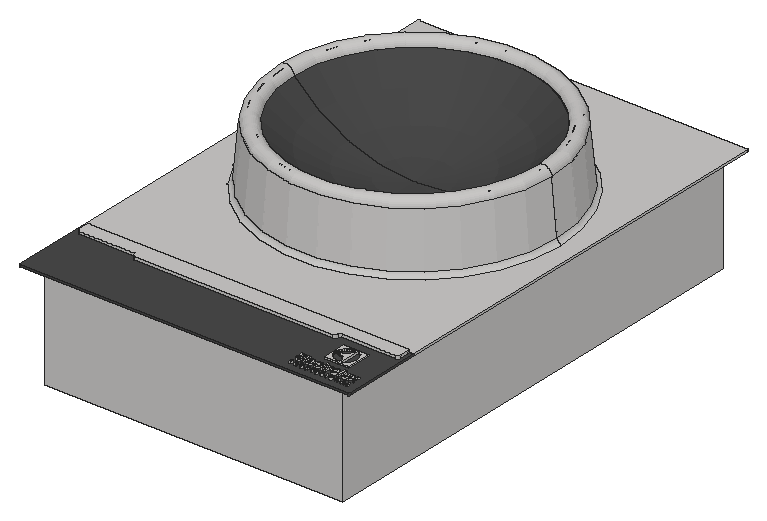
Revit family "QF_ELECTROLUXPROFESSIONAL_600904_E1HCEDOMCU", category Specialty Equipment, Revit 2018
Family settings
  Round Connector Dimension = Use Diameter
  Part Type = Normal
  Work Plane-Based = No
  Always vertical = Yes
  Cut with Voids When Loaded = No
  Shared = No
  Room Calculation Point = No
Parameters
  Watts = 0 W
  Volts = 0 V
  URL = ""
  Steam Supply Size = 0 mm
  Steam Supply Minimum Pressure = 0.0 Pa
  Steam Supply Maximum Pressure = 0.0 Pa
  Steam Pounds per Hour = 0
  Show Logo [instance] = yes
  Manufacturer = ""
  Phase = 0
  Model = ""
  Item Number = ""
  Hot Water Size = 0 mm
  HP = "4 HP"
  Gas Size = 0 mm
  Gas KW = 0
  Direct Waste Size = 0 mm
  Description = ""
  Cycle = 0 Hz
  Condensate Return Size = 0 mm
  Compressed Air Volume = 0.0 L/s
  Compressed Air Size = 0 mm
  Compressed Air Pressure = 0.0 Pa
  Cold Water Size = 0 mm
Reference planes
  plane 1 "Centro (Fronte/Retro)": y = 74.737
  plane 2: z = 0
  plane 3: x = -514.269
  plane 4 "LEFT": x = -709.269
  plane 5 "RIGHT": x = -319.269
  plane 6 "BACK": y = 369.737
  plane 7 "FRONT": y = -220.263
  plane 8: y = -124.263
  plane 9: z = 774
  plane 10: x = -690.269
  plane 11: x = -338.269
  plane 12: y = 355.737
  plane 13: y = -205.263
  plane 14: x = -442.269
  plane 15: y = 179.737
  plane 16: z = 900
Forms (mm)
  Extrusion 1, solid, material "QF_Finishes_Stainless Steel"
    sketch origin (0, 0, 774) x (1, 0, 0) y (0, 1, 0)
      loop
        line (-341.269, 352.737) -> (-687.269, 352.737) -> (-687.269, -202.263) -> (-341.269, -202.263) -> (-341.269, 352.737)
      loop
        line (-690.269, 355.737) -> (-690.269, -205.263) -> (-338.269, -205.263) -> (-338.269, 355.737) -> (-690.269, 355.737)
    from 21 to 126
  Extrusion 2, solid, material "QF_Finishes_Black"
    sketch origin (0, 0, 900) x (-1, 0, 0) y (0, -1, 0)
      loop
        line (709.269, 124.263) -> (709.269, 218.263)
        arc (709.269, 218.263) -> (708.683, 219.677) -> (707.269, 220.263) r 2
        line (707.269, 220.263) -> (321.269, 220.263)
        arc (321.269, 220.263) -> (319.854, 219.677) -> (319.269, 218.263) r 2
        line (319.269, 218.263) -> (319.269, 124.263) -> (709.269, 124.263)
    from 0 to 2
  Extrusion 3, solid, material "QF_Finishes_Stainless Steel"
    sketch origin (0, 0, 900) x (-1, 0, 0) y (0, -1, 0)
      loop
        arc (701.269, 124.263) -> (703.39, 125.142) -> (704.269, 127.263) r 3
        line (704.269, 127.263) -> (704.269, 137.763)
        arc (704.269, 137.763) -> (703.39, 139.884) -> (701.269, 140.763) r 3
        line (701.269, 140.763) -> (637.269, 140.763)
        arc (637.269, 140.763) -> (635.147, 141.642) -> (634.269, 143.763) r 3
        arc (634.269, 143.763) -> (633.39, 145.884) -> (631.269, 146.763) r 3
        line (631.269, 146.763) -> (397.269, 146.763)
        arc (397.269, 146.763) -> (395.147, 145.884) -> (394.269, 143.763) r 3
        arc (394.269, 143.763) -> (393.39, 141.642) -> (391.269, 140.763) r 3
        line (391.269, 140.763) -> (327.269, 140.763)
        arc (327.269, 140.763) -> (325.147, 139.884) -> (324.269, 137.763) r 3
        line (324.269, 137.763) -> (324.269, 127.263)
        arc (324.269, 127.263) -> (325.147, 125.142) -> (327.269, 124.263) r 3
        line (327.269, 124.263) -> (701.269, 124.263)
    from 2 to 5
  Extrusion 4, solid, material "QF_Finishes_Stainless Steel"
    sketch origin (0, 0, 775) x (1, 0, 0) y (0, 1, 0)
      loop
        line (-690.269, 355.737) -> (-690.269, -205.263) -> (-338.269, -205.263) -> (-338.269, 355.737) -> (-690.269, 355.737)
    from 0 to 20
  Extrusion 5, solid, material "QF_Finishes_Stainless Steel"
    sketch origin (0, 0, 127) x (-1, 0, 0) y (0, -1, 0)
      loop
        circle (442.269, -179.737) r 10
    from 638.028 to 648
  Revolve 6, solid, material "QF_Finishes_Stainless Steel"
    sketch origin (0, 120.237, 2) x (-1, 0, 0) y (0, 0, 1)
      loop
        arc (349.07, 900) -> (350.454, 902.553) -> (351.23, 905.352) r 12.856
        line (351.23, 905.352) -> (357.255, 968.615)
        arc (357.255, 968.615) -> (361.677, 972.996) -> (366.45, 969) r 4.622
        line (366.45, 969) -> (371.472, 969)
        arc (371.472, 969) -> (361.87, 978) -> (352.269, 969) r 9.622
        line (352.269, 969) -> (346.269, 906)
        arc (346.269, 906) -> (344.567, 902.335) -> (341.269, 900) r 7.856
        line (341.269, 900) -> (349.07, 900)
      axis (514.269, 900) -> (514.269, 969)
    angle from 0 to 360
  Revolve 7, solid, material "QF_Finishes_Black"
    sketch origin (0, 120.237, 2) x (-1, 0, 0) y (0, 0, 1)
      loop
        line (371.472, 969) -> (366.45, 969)
        arc (366.45, 969) -> (432.848, 918.929) -> (514.269, 902) r 190.056
        line (514.269, 902) -> (514.269, 906)
        arc (514.269, 906) -> (436.232, 922.453) -> (371.472, 969) r 193.372
      axis (514.269, 969) -> (514.269, 902)
    angle from 0 to 360
  Extrusion 8, solid, material "QF_Finishes_Stainless Steel"
    sketch origin (0, 96, 900) x (-1, 0, 0) y (0, -1, 0)
      loop
        arc (707.269, -273.737) -> (708.683, -273.151) -> (709.269, -271.737) r 2
        line (709.269, -271.737) -> (709.269, 220.263) -> (319.269, 220.263) -> (319.269, -271.737)
        arc (319.269, -271.737) -> (319.854, -273.151) -> (321.269, -273.737) r 2
        line (321.269, -273.737) -> (707.269, -273.737)
    from 0 to 2
Cuts and joins
  joined: Extrusion 1, Extrusion 4
Lines and regions (mm)
  Split face 1
    outline origin (0, 0, 902) x (-1, 0, 0) y (0, -1, 0)
      loop
        line (324.269, 124.263) -> (704.269, 124.263) -> (704.269, 623.263) -> (324.269, 623.263) -> (324.269, 124.263)
  symbolic lines
    curve 1: line (-701.269, -140.763, 126) -> (-637.269, -140.763, 126)
    curve 2: arc (-637.269, -140.763, 126) -> (-635.147, -141.642, 126) -> (-634.269, -143.763, 126) r 3
    curve 3: arc (-634.269, -143.763, 126) -> (-633.39, -145.884, 126) -> (-631.269, -146.763, 126) r 3
    curve 4: line (-631.269, -146.763, 126) -> (-397.269, -146.763, 126)
    curve 5: arc (-397.269, -146.763, 126) -> (-395.147, -145.884, 126) -> (-394.269, -143.763, 126) r 3
    curve 6: arc (-394.269, -143.763, 126) -> (-393.39, -141.642, 126) -> (-391.269, -140.763, 126) r 3
    curve 7: line (-391.269, -140.763, 126) -> (-327.269, -140.763, 126)
    curve 8: arc (-327.269, -140.763, 126) -> (-325.147, -139.884, 126) -> (-324.269, -137.763, 126) r 3
    curve 9: line (-324.269, -137.763, 126) -> (-324.269, -127.263, 126)
    curve 10: arc (-324.269, -127.263, 126) -> (-325.147, -125.142, 126) -> (-327.269, -124.263, 126) r 3
    curve 11: line (-319.269, -124.263, 126) -> (-709.269, -124.263, 126)
    curve 12: arc (-701.269, -124.263, 126) -> (-703.39, -125.142, 126) -> (-704.269, -127.263, 126) r 3
    curve 13: line (-704.269, -127.263, 126) -> (-704.269, -137.763, 126)
    curve 14: arc (-704.269, -137.763, 126) -> (-703.39, -139.884, 126) -> (-701.269, -140.763, 126) r 3
    curve 15: line (-321.269, 369.737, 126) -> (-707.269, 369.737, 126)
    curve 16: arc (-707.269, 369.737, 126) -> (-708.683, 369.151, 126) -> (-709.269, 367.737, 126) r 2
    curve 17: line (-709.269, 367.737, 126) -> (-709.269, -218.263, 126)
    curve 18: arc (-709.269, -218.263, 126) -> (-708.683, -219.677, 126) -> (-707.269, -220.263, 126) r 2
    curve 19: line (-707.269, -220.263, 126) -> (-321.269, -220.263, 126)
    curve 20: arc (-321.269, -220.263, 126) -> (-319.854, -219.677, 126) -> (-319.269, -218.263, 126) r 2
    curve 21: line (-319.269, -218.263, 126) -> (-319.269, 367.737, 126)
    curve 22: arc (-319.269, 367.737, 126) -> (-319.854, 369.151, 126) -> (-321.269, 369.737, 126) r 2
    curve 23: line (-378.626, -153.452, 126) -> (-378.626, -182.168, 126)
    curve 24: line (-349.912, -153.452, 126) -> (-378.626, -153.452, 126)
    curve 25: line (-349.912, -182.168, 126) -> (-349.912, -153.452, 126)
    curve 26: line (-378.626, -182.168, 126) -> (-349.912, -182.168, 126)
    curve 27: line (-366.78, -170.975, 126) -> (-365.524, -171.98, 126)
    curve 28: line (-365.524, -171.98, 126) -> (-364.403, -173.12, 126)
    curve 29: line (-364.403, -173.12, 126) -> (-363.439, -174.381, 126)
    curve 30: line (-363.439, -174.381, 126) -> (-362.652, -175.748, 126)
    curve 31: arc (-362.652, -175.748, 126) -> (-361.85, -177.982, 126) -> (-361.568, -180.34, 126) r 10.532
    curve 32: arc (-361.568, -180.34, 126) -> (-362.906, -180.548, 126) -> (-364.258, -180.63, 126) r 14.39
    curve 33: line (-364.258, -180.63, 126) -> (-365.828, -180.532, 126)
    curve 34: line (-365.828, -180.532, 126) -> (-367.331, -180.252, 126)
    curve 35: line (-367.331, -180.252, 126) -> (-368.77, -179.801, 126)
    curve 36: line (-368.77, -179.801, 126) -> (-370.134, -179.191, 126)
    curve 37: line (-370.134, -179.191, 126) -> (-371.411, -178.434, 126)
    curve 38: line (-371.411, -178.434, 126) -> (-372.589, -177.541, 126)
    curve 39: line (-372.589, -177.541, 126) -> (-373.656, -176.525, 126)
    curve 40: line (-373.656, -176.525, 126) -> (-374.6, -175.397, 126)
    curve 41: line (-374.6, -175.397, 126) -> (-375.41, -174.168, 126)
    curve 42: line (-375.41, -174.168, 126) -> (-376.073, -172.852, 126)
    curve 43: line (-376.073, -172.852, 126) -> (-376.579, -171.46, 126)
    curve 44: line (-376.579, -171.46, 126) -> (-376.915, -170.003, 126)
    curve 45: line (-376.915, -170.003, 126) -> (-377.069, -168.493, 126)
    curve 46: line (-377.069, -168.493, 126) -> (-374.35, -168.493, 126)
    curve 47: line (-374.35, -168.493, 126) -> (-372.734, -168.602, 126)
    curve 48: line (-372.734, -168.602, 126) -> (-371.148, -168.919, 126)
    curve 49: line (-371.148, -168.919, 126) -> (-369.613, -169.43, 126)
    curve 50: line (-369.613, -169.43, 126) -> (-368.15, -170.12, 126)
    curve 51: line (-368.15, -170.12, 126) -> (-366.78, -170.975, 126)
    curve 52: line (-364.403, -162.507, 126) -> (-365.524, -163.648, 126)
    curve 53: line (-365.524, -163.648, 126) -> (-366.781, -164.654, 126)
    curve 54: line (-366.781, -164.654, 126) -> (-368.151, -165.509, 126)
    curve 55: line (-368.151, -165.509, 126) -> (-369.615, -166.2, 126)
    curve 56: line (-369.615, -166.2, 126) -> (-371.15, -166.712, 126)
    curve 57: line (-371.15, -166.712, 126) -> (-372.736, -167.029, 126)
    curve 58: line (-372.736, -167.029, 126) -> (-374.352, -167.138, 126)
    curve 59: line (-374.352, -167.138, 126) -> (-377.067, -167.138, 126)
    curve 60: line (-377.067, -167.138, 126) -> (-376.852, -165.495, 126)
    curve 61: line (-376.852, -165.495, 126) -> (-376.439, -163.92, 126)
    curve 62: line (-376.439, -163.92, 126) -> (-375.841, -162.424, 126)
    curve 63: line (-375.841, -162.424, 126) -> (-375.07, -161.023, 126)
    curve 64: line (-375.07, -161.023, 126) -> (-374.141, -159.732, 126)
    curve 65: line (-374.141, -159.732, 126) -> (-373.065, -158.564, 126)
    curve 66: line (-373.065, -158.564, 126) -> (-371.856, -157.535, 126)
    curve 67: line (-371.856, -157.535, 126) -> (-370.527, -156.661, 126)
    curve 68: line (-370.527, -156.661, 126) -> (-369.091, -155.954, 126)
    curve 69: line (-369.091, -155.954, 126) -> (-367.562, -155.431, 126)
    curve 70: line (-367.562, -155.431, 126) -> (-365.952, -155.107, 126)
    curve 71: arc (-365.952, -155.107, 126) -> (-363.752, -155.007, 126) -> (-361.567, -155.279, 126) r 13.008
    curve 72: arc (-361.567, -155.279, 126) -> (-361.815, -157.647, 126) -> (-362.651, -159.876, 126) r 9.395
    curve 73: line (-362.651, -159.876, 126) -> (-363.438, -161.245, 126)
    curve 74: line (-363.438, -161.245, 126) -> (-364.403, -162.507, 126)
    curve 75: line (-360.221, -179.969, 126) -> (-360.221, -155.646, 126)
    curve 76: line (-360.221, -155.646, 126) -> (-358.743, -156.237, 126)
    curve 77: line (-358.743, -156.237, 126) -> (-357.363, -157.003, 126)
    curve 78: line (-357.363, -157.003, 126) -> (-356.095, -157.931, 126)
    curve 79: line (-356.095, -157.931, 126) -> (-354.951, -159.007, 126)
    curve 80: line (-354.951, -159.007, 126) -> (-353.945, -160.217, 126)
    curve 81: line (-353.945, -160.217, 126) -> (-353.092, -161.548, 126)
    curve 82: line (-353.092, -161.548, 126) -> (-352.403, -162.986, 126)
    curve 83: line (-352.403, -162.986, 126) -> (-351.894, -164.517, 126)
    curve 84: line (-351.894, -164.517, 126) -> (-351.576, -166.128, 126)
    curve 85: line (-351.576, -166.128, 126) -> (-351.464, -167.804, 126)
    curve 86: line (-351.464, -167.804, 126) -> (-351.567, -169.456, 126)
    curve 87: line (-351.567, -169.456, 126) -> (-351.873, -171.047, 126)
    curve 88: line (-351.873, -171.047, 126) -> (-352.372, -172.563, 126)
    curve 89: line (-352.372, -172.563, 126) -> (-353.05, -173.992, 126)
    curve 90: line (-353.05, -173.992, 126) -> (-353.897, -175.319, 126)
    curve 91: line (-353.897, -175.319, 126) -> (-354.899, -176.532, 126)
    curve 92: line (-354.899, -176.532, 126) -> (-356.044, -177.617, 126)
    curve 93: line (-356.044, -177.617, 126) -> (-357.321, -178.56, 126)
    curve 94: line (-357.321, -178.56, 126) -> (-358.718, -179.349, 126)
    curve 95: line (-358.718, -179.349, 126) -> (-360.221, -179.969, 126)
    curve 96: line (-392.542, -189.445, 126) -> (-399.495, -189.445, 126)
    curve 97: line (-399.495, -189.445, 126) -> (-399.495, -193.353, 126)
    curve 98: line (-399.495, -193.353, 126) -> (-399.495, -197.154, 126)
    curve 99: arc (-399.495, -197.154, 126) -> (-398.466, -199.638, 126) -> (-395.982, -200.667, 126) r 3.513
    curve 100: line (-395.982, -200.667, 126) -> (-392.408, -200.667, 126)
    curve 101: line (-392.408, -200.667, 126) -> (-392.408, -198.85, 126)
    curve 102: line (-392.408, -198.85, 126) -> (-395.966, -198.85, 126)
    curve 103: arc (-395.966, -198.85, 126) -> (-397.094, -198.382, 126) -> (-397.562, -197.254, 126) r 1.596
    curve 104: line (-397.562, -197.254, 126) -> (-397.562, -195.74, 126)
    curve 105: line (-397.562, -195.74, 126) -> (-392.843, -195.74, 126)
    curve 106: line (-392.843, -195.74, 126) -> (-392.843, -193.917, 126)
    curve 107: line (-392.843, -193.917, 126) -> (-397.563, -193.917, 126)
    curve 108: line (-397.563, -193.917, 126) -> (-397.563, -191.264, 126)
    curve 109: line (-397.563, -191.264, 126) -> (-392.542, -191.264, 126)
    curve 110: line (-392.542, -191.264, 126) -> (-392.542, -189.445, 126)
    curve 111: line (-391.035, -189.455, 126) -> (-391.035, -194.76, 126)
    curve 112: line (-391.035, -194.76, 126) -> (-391.035, -200.681, 126)
    curve 113: line (-391.035, -200.681, 126) -> (-389.101, -200.681, 126)
    curve 114: line (-389.101, -200.681, 126) -> (-389.101, -194.721, 126)
    curve 115: line (-389.101, -194.721, 126) -> (-389.101, -189.455, 126)
    curve 116: line (-389.101, -189.455, 126) -> (-391.035, -189.455, 126)
    curve 117: arc (-380.394, -193.787, 126) -> (-383.654, -192.313, 126) -> (-386.913, -193.787, 126) r 4.34
    curve 118: arc (-386.913, -193.787, 126) -> (-387.819, -196.606, 126) -> (-386.913, -199.425, 126) r 4.838
    curve 119: arc (-386.913, -199.425, 126) -> (-383.498, -200.88, 126) -> (-380.082, -199.425, 126) r 4.737
    curve 120: line (-380.082, -199.425, 126) -> (-381.246, -198.293, 126)
    curve 121: arc (-381.246, -198.293, 126) -> (-383.382, -199.237, 126) -> (-385.517, -198.293, 126) r 2.888
    curve 122: arc (-385.517, -198.293, 126) -> (-385.841, -197.736, 126) -> (-385.905, -197.095, 126) r 1.527
    curve 123: line (-385.905, -197.095, 126) -> (-379.564, -197.095, 126)
    curve 124: arc (-379.564, -197.095, 126) -> (-379.672, -195.364, 126) -> (-380.394, -193.787, 126) r 4.757
    curve 125: arc (-385.858, -195.736, 126) -> (-385.043, -194.411, 126) -> (-383.56, -193.941, 126) r 2.23
    curve 126: arc (-383.56, -193.941, 126) -> (-382.221, -194.482, 126) -> (-381.505, -195.736, 126) r 2.201
    curve 127: line (-381.505, -195.736, 126) -> (-385.858, -195.736, 126)
    curve 128: arc (-370.832, -193.681, 126) -> (-378.564, -196.594, 126) -> (-370.832, -199.507, 126) r 4.415
    curve 129: line (-370.832, -199.507, 126) -> (-372.029, -198.26, 126)
    curve 130: arc (-372.029, -198.26, 126) -> (-376.639, -196.593, 126) -> (-372.029, -194.927, 126) r 2.606
    curve 131: line (-372.029, -194.927, 126) -> (-370.832, -193.681, 126)
    curve 132: line (-369.629, -189.455, 126) -> (-369.629, -193.481, 126)
    curve 133: line (-369.629, -193.481, 126) -> (-369.629, -197.299, 126)
    curve 134: arc (-369.629, -197.299, 126) -> (-368.592, -199.893, 126) -> (-365.911, -200.681, 126) r 3.196
    curve 135: line (-365.911, -200.681, 126) -> (-365.904, -198.864, 126)
    curve 136: arc (-365.904, -198.864, 126) -> (-367.239, -198.457, 126) -> (-367.699, -197.14, 126) r 1.542
    curve 137: line (-367.699, -197.14, 126) -> (-367.699, -194.319, 126)
    curve 138: line (-367.699, -194.319, 126) -> (-365.94, -194.319, 126)
    curve 139: line (-365.94, -194.319, 126) -> (-365.94, -192.562, 126)
    curve 140: line (-365.94, -192.562, 126) -> (-367.696, -192.562, 126)
    curve 141: line (-367.696, -192.562, 126) -> (-367.696, -189.455, 126)
    curve 142: line (-367.696, -189.455, 126) -> (-369.629, -189.455, 126)
    curve 143: arc (-359.402, -192.451, 126) -> (-361.13, -192.587, 126) -> (-362.397, -193.771, 126) r 2.627
    curve 144: line (-362.397, -193.771, 126) -> (-362.397, -192.563, 126)
    curve 145: line (-362.397, -192.563, 126) -> (-364.315, -192.563, 126)
    curve 146: line (-364.315, -192.563, 126) -> (-364.315, -196.541, 126)
    curve 147: line (-364.315, -196.541, 126) -> (-364.315, -200.681, 126)
    curve 148: line (-364.315, -200.681, 126) -> (-362.397, -200.681, 126)
    curve 149: line (-362.397, -200.681, 126) -> (-362.397, -196.412, 126)
    curve 150: arc (-362.397, -196.412, 126) -> (-361.445, -194.585, 126) -> (-359.402, -194.319, 126) r 2.229
    curve 151: line (-359.402, -194.319, 126) -> (-359.402, -192.451, 126)
    curve 152: arc (-359.088, -196.625, 126) -> (-354.668, -201.046, 126) -> (-350.248, -196.625, 126) r 4.42
    curve 153: arc (-350.248, -196.625, 126) -> (-354.668, -192.205, 126) -> (-359.088, -196.625, 126) r 4.42
    curve 154: arc (-357.176, -196.625, 126) -> (-354.668, -194.117, 126) -> (-352.16, -196.625, 126) r 2.508
    curve 155: arc (-352.16, -196.625, 126) -> (-354.668, -199.134, 126) -> (-357.176, -196.625, 126) r 2.508
    curve 156: line (-349.058, -194.566, 126) -> (-349.058, -200.682, 126)
    curve 157: line (-349.058, -200.682, 126) -> (-347.124, -200.682, 126)
    curve 158: line (-347.124, -200.682, 126) -> (-347.124, -194.643, 126)
    curve 159: line (-347.124, -194.643, 126) -> (-347.124, -189.454, 126)
    curve 160: line (-347.124, -189.454, 126) -> (-349.058, -189.454, 126)
    curve 161: line (-349.058, -189.454, 126) -> (-349.058, -194.566, 126)
    curve 162: line (-345.646, -192.562, 126) -> (-345.646, -194.915, 126)
    curve 163: line (-345.646, -194.915, 126) -> (-345.646, -197.715, 126)
    curve 164: arc (-345.646, -197.715, 126) -> (-341.931, -201.044, 126) -> (-338.204, -197.728, 126) r 3.745
    curve 165: line (-338.204, -197.728, 126) -> (-338.204, -194.915, 126)
    curve 166: line (-338.204, -194.915, 126) -> (-338.204, -192.562, 126)
    curve 167: line (-338.204, -192.562, 126) -> (-340.152, -192.562, 126)
    curve 168: line (-340.152, -192.562, 126) -> (-340.152, -197.299, 126)
    curve 169: arc (-340.152, -197.299, 126) -> (-341.925, -199.071, 126) -> (-343.697, -197.299, 126) r 1.772
    curve 170: line (-343.697, -197.299, 126) -> (-343.697, -192.562, 126)
    curve 171: line (-343.697, -192.562, 126) -> (-345.646, -192.562, 126)
    curve 172: line (-331.418, -192.563, 126) -> (-333.174, -194.995, 126)
    curve 173: line (-333.174, -194.995, 126) -> (-334.946, -192.563, 126)
    curve 174: line (-334.946, -192.563, 126) -> (-337.039, -192.563, 126)
    curve 175: line (-337.039, -192.563, 126) -> (-335.839, -194.205, 126)
    curve 176: line (-335.839, -194.205, 126) -> (-334.237, -196.397, 126)
    curve 177: line (-334.237, -196.397, 126) -> (-335.916, -198.735, 126)
    curve 178: line (-335.916, -198.735, 126) -> (-337.313, -200.682, 126)
    curve 179: line (-337.313, -200.682, 126) -> (-335.235, -200.682, 126)
    curve 180: line (-335.235, -200.682, 126) -> (-333.174, -197.813, 126)
    curve 181: line (-333.174, -197.813, 126) -> (-331.112, -200.682, 126)
    curve 182: line (-331.112, -200.682, 126) -> (-329.034, -200.682, 126)
    curve 183: line (-329.034, -200.682, 126) -> (-330.891, -198.085, 126)
    curve 184: line (-330.891, -198.085, 126) -> (-332.11, -196.38, 126)
    curve 185: line (-332.11, -196.38, 126) -> (-330.601, -194.325, 126)
    curve 186: line (-330.601, -194.325, 126) -> (-329.308, -192.563, 126)
    curve 187: line (-329.308, -192.563, 126) -> (-331.418, -192.563, 126)
    curve 188: line (-331.398, -205.699, 126) -> (-331.398, -209.59, 126)
    curve 189: line (-331.398, -209.59, 126) -> (-329.102, -209.59, 126)
    curve 190: line (-329.102, -209.59, 126) -> (-329.102, -208.79, 126)
    curve 191: line (-329.102, -208.79, 126) -> (-330.599, -208.79, 126)
    curve 192: line (-330.599, -208.79, 126) -> (-330.599, -205.699, 126)
    curve 193: line (-330.599, -205.699, 126) -> (-331.398, -205.699, 126)
    curve 194: line (-334.574, -209.59, 126) -> (-336.095, -205.7, 126)
    curve 195: line (-336.095, -205.7, 126) -> (-336.895, -205.7, 126)
    curve 196: line (-336.895, -205.7, 126) -> (-338.488, -209.59, 126)
    curve 197: line (-338.488, -209.59, 126) -> (-337.629, -209.59, 126)
    curve 198: line (-337.629, -209.59, 126) -> (-337.25, -208.75, 126)
    curve 199: line (-337.25, -208.75, 126) -> (-335.811, -208.75, 126)
    curve 200: line (-335.811, -208.75, 126) -> (-335.432, -209.59, 126)
    curve 201: line (-335.432, -209.59, 126) -> (-334.574, -209.59, 126)
    curve 202: line (-336.947, -207.983, 126) -> (-336.529, -206.965, 126)
    curve 203: line (-336.529, -206.965, 126) -> (-336.131, -207.983, 126)
    curve 204: line (-336.131, -207.983, 126) -> (-336.947, -207.983, 126)
    curve 205: line (-341.641, -209.59, 126) -> (-341.641, -205.699, 126)
    curve 206: line (-341.641, -205.699, 126) -> (-342.471, -205.699, 126)
    curve 207: line (-342.471, -205.699, 126) -> (-342.471, -208.219, 126)
    curve 208: line (-342.471, -208.219, 126) -> (-344.251, -205.699, 126)
    curve 209: line (-344.251, -205.699, 126) -> (-345.051, -205.699, 126)
    curve 210: line (-345.051, -205.699, 126) -> (-345.051, -209.59, 126)
    curve 211: line (-345.051, -209.59, 126) -> (-344.221, -209.59, 126)
    curve 212: line (-344.221, -209.59, 126) -> (-344.221, -207.143, 126)
    curve 213: line (-344.221, -207.143, 126) -> (-342.441, -209.59, 126)
    curve 214: line (-342.441, -209.59, 126) -> (-341.641, -209.59, 126)
    curve 215: arc (-349.119, -207.668, 126) -> (-350.407, -208.956, 126) -> (-351.695, -207.668, 126) r 1.288
    curve 216: arc (-351.695, -207.668, 126) -> (-350.407, -206.38, 126) -> (-349.119, -207.668, 126) r 1.288
    curve 217: arc (-348.342, -207.668, 126) -> (-350.407, -205.603, 126) -> (-352.472, -207.668, 126) r 2.065
    curve 218: arc (-352.472, -207.668, 126) -> (-350.407, -209.733, 126) -> (-348.342, -207.668, 126) r 2.065
    curve 219: line (-355.791, -209.59, 126) -> (-355.791, -205.699, 126)
    curve 220: line (-355.791, -205.699, 126) -> (-356.591, -205.699, 126)
    curve 221: line (-356.591, -205.699, 126) -> (-356.591, -209.59, 126)
    curve 222: line (-356.591, -209.59, 126) -> (-355.791, -209.59, 126)
    curve 223: arc (-360.746, -209.568, 126) -> (-359.926, -208.793, 126) -> (-360.211, -207.702, 126) r 1.107
    curve 224: arc (-360.211, -207.702, 126) -> (-360.788, -207.348, 126) -> (-361.405, -207.067, 126) r 5.523
    curve 225: arc (-361.405, -207.067, 126) -> (-361.745, -206.55, 126) -> (-361.183, -206.293, 126) r 0.407
    curve 226: arc (-361.183, -206.293, 126) -> (-360.846, -206.498, 126) -> (-360.566, -206.775, 126) r 1.702
    curve 227: line (-360.566, -206.775, 126) -> (-359.88, -206.363, 126)
    curve 228: arc (-359.88, -206.363, 126) -> (-360.313, -205.902, 126) -> (-360.848, -205.566, 126) r 2.463
    curve 229: arc (-360.848, -205.566, 126) -> (-362.518, -206.347, 126) -> (-361.471, -207.864, 126) r 1.207
    curve 230: line (-361.471, -207.864, 126) -> (-361.009, -208.812, 126)
    curve 231: arc (-361.009, -208.812, 126) -> (-361.653, -208.798, 126) -> (-362.132, -208.367, 126) r 0.925
    curve 232: line (-362.132, -208.367, 126) -> (-362.851, -208.718, 126)
    curve 233: arc (-362.851, -208.718, 126) -> (-361.958, -209.538, 126) -> (-360.746, -209.568, 126) r 1.725
    curve 234: arc (-366.606, -209.568, 126) -> (-365.785, -208.793, 126) -> (-366.071, -207.702, 126) r 1.107
    curve 235: arc (-366.071, -207.702, 126) -> (-366.648, -207.348, 126) -> (-367.264, -207.067, 126) r 5.523
    curve 236: arc (-367.264, -207.067, 126) -> (-367.604, -206.55, 126) -> (-367.043, -206.293, 126) r 0.407
    curve 237: arc (-367.043, -206.293, 126) -> (-366.706, -206.498, 126) -> (-366.425, -206.775, 126) r 1.702
    curve 238: line (-366.425, -206.775, 126) -> (-365.74, -206.363, 126)
    curve 239: arc (-365.74, -206.363, 126) -> (-366.172, -205.902, 126) -> (-366.708, -205.566, 126) r 2.463
    curve 240: arc (-366.708, -205.566, 126) -> (-368.378, -206.347, 126) -> (-367.331, -207.864, 126) r 1.207
    curve 241: line (-367.331, -207.864, 126) -> (-366.868, -208.812, 126)
    curve 242: arc (-366.868, -208.812, 126) -> (-367.513, -208.798, 126) -> (-367.991, -208.367, 126) r 0.925
    curve 243: line (-367.991, -208.367, 126) -> (-368.711, -208.718, 126)
    curve 244: arc (-368.711, -208.718, 126) -> (-367.818, -209.538, 126) -> (-366.606, -209.568, 126) r 1.725
    curve 245: line (-373.017, -209.59, 126) -> (-371.761, -209.59, 126)
    curve 246: line (-371.761, -209.59, 126) -> (-371.761, -208.79, 126)
    curve 247: line (-371.761, -208.79, 126) -> (-372.922, -208.79, 126)
    curve 248: arc (-372.922, -208.79, 126) -> (-373.361, -208.576, 126) -> (-373.464, -208.099, 126) r 0.558
    curve 249: line (-373.464, -208.099, 126) -> (-371.907, -208.099, 126)
    curve 250: line (-371.907, -208.099, 126) -> (-371.907, -207.299, 126)
    curve 251: line (-371.907, -207.299, 126) -> (-373.464, -207.299, 126)
    curve 252: line (-373.464, -207.299, 126) -> (-373.464, -206.499, 126)
    curve 253: line (-373.464, -206.499, 126) -> (-371.799, -206.499, 126)
    curve 254: line (-371.799, -206.499, 126) -> (-371.799, -205.699, 126)
    curve 255: line (-371.799, -205.699, 126) -> (-374.264, -205.699, 126)
    curve 256: line (-374.264, -205.699, 126) -> (-374.264, -208.344, 126)
    curve 257: arc (-374.264, -208.344, 126) -> (-373.899, -209.225, 126) -> (-373.017, -209.59, 126) r 1.246
    curve 258: line (-379.169, -209.59, 126) -> (-379.169, -208.099, 126)
    curve 259: line (-379.169, -208.099, 126) -> (-377.704, -208.099, 126)
    curve 260: line (-377.704, -208.099, 126) -> (-377.704, -207.299, 126)
    curve 261: line (-377.704, -207.299, 126) -> (-379.169, -207.299, 126)
    curve 262: line (-379.169, -207.299, 126) -> (-379.169, -206.499, 126)
    curve 263: line (-379.169, -206.499, 126) -> (-377.564, -206.499, 126)
    curve 264: line (-377.564, -206.499, 126) -> (-377.564, -205.699, 126)
    curve 265: line (-377.564, -205.699, 126) -> (-379.969, -205.699, 126)
    curve 266: line (-379.969, -205.699, 126) -> (-379.969, -209.59, 126)
    curve 267: line (-379.969, -209.59, 126) -> (-379.169, -209.59, 126)
    curve 268: arc (-387.472, -207.668, 126) -> (-385.407, -209.733, 126) -> (-383.342, -207.668, 126) r 2.065
    curve 269: arc (-384.119, -207.668, 126) -> (-385.407, -208.956, 126) -> (-386.695, -207.668, 126) r 1.288
    curve 270: arc (-386.695, -207.668, 126) -> (-385.407, -206.38, 126) -> (-384.119, -207.668, 126) r 1.288
    curve 271: arc (-383.342, -207.668, 126) -> (-385.407, -205.603, 126) -> (-387.472, -207.668, 126) r 2.065
    curve 272: line (-390.05, -209.59, 126) -> (-391.058, -207.929, 126)
    curve 273: arc (-391.058, -207.929, 126) -> (-390.677, -206.531, 126) -> (-391.863, -205.699, 126) r 1.26
    curve 274: line (-391.863, -205.699, 126) -> (-393.389, -205.699, 126)
    curve 275: line (-393.389, -205.699, 126) -> (-393.389, -209.59, 126)
    curve 276: line (-393.389, -209.59, 126) -> (-392.589, -209.59, 126)
    curve 277: line (-392.589, -209.59, 126) -> (-392.589, -208.249, 126)
    curve 278: line (-392.589, -208.249, 126) -> (-391.763, -208.249, 126)
    curve 279: line (-391.763, -208.249, 126) -> (-390.957, -209.59, 126)
    curve 280: line (-390.957, -209.59, 126) -> (-390.05, -209.59, 126)
    curve 281: line (-391.782, -207.52, 126) -> (-392.589, -207.52, 126)
    curve 282: line (-392.589, -207.52, 126) -> (-392.589, -206.434, 126)
    curve 283: line (-392.589, -206.434, 126) -> (-391.782, -206.434, 126)
    curve 284: arc (-391.782, -206.434, 126) -> (-391.383, -206.977, 126) -> (-391.782, -207.52, 126) r 0.569
    curve 285: line (-398.667, -209.59, 126) -> (-398.667, -208.271, 126)
    curve 286: line (-398.667, -208.271, 126) -> (-397.697, -208.271, 126)
    curve 287: arc (-397.697, -208.271, 126) -> (-396.674, -206.863, 126) -> (-397.967, -205.699, 126) r 1.3
    curve 288: line (-397.967, -205.699, 126) -> (-399.467, -205.699, 126)
    curve 289: line (-399.467, -205.699, 126) -> (-399.467, -209.59, 126)
    curve 290: line (-399.467, -209.59, 126) -> (-398.667, -209.59, 126)
    curve 291: line (-397.861, -207.52, 126) -> (-398.667, -207.52, 126)
    curve 292: line (-398.667, -207.52, 126) -> (-398.667, -206.434, 126)
    curve 293: line (-398.667, -206.434, 126) -> (-397.861, -206.434, 126)
    curve 294: arc (-397.861, -206.434, 126) -> (-397.461, -206.977, 126) -> (-397.861, -207.52, 126) r 0.569
    curve 295: arc (-687.269, 120.237, 126) -> (-514.269, 293.237, 126) -> (-341.269, 120.237, 126) r 173
    curve 296: arc (-341.269, 120.237, 126) -> (-514.269, -52.763, 126) -> (-687.269, 120.237, 126) r 173
    curve 297: arc (-682.269, 120.237, 126) -> (-514.269, -47.763, 126) -> (-346.269, 120.237, 126) r 168
    curve 298: arc (-657.065, 120.237, 126) -> (-514.269, -22.56, 126) -> (-371.472, 120.237, 126) r 142.797
    curve 299: arc (-371.472, 120.237, 126) -> (-514.269, 263.034, 126) -> (-657.065, 120.237, 126) r 142.797
    curve 300: arc (-346.269, 120.237, 126) -> (-514.269, 288.237, 126) -> (-682.269, 120.237, 126) r 168
    curve 301: arc (-352.269, 120.237, 126) -> (-514.269, 282.237, 126) -> (-676.269, 120.237, 126) r 162
    curve 302: arc (-676.269, 120.237, 126) -> (-514.269, -41.763, 126) -> (-352.269, 120.237, 126) r 162
Dimensions and locks
  equal spacing: plane 4 "LEFT", plane 3, plane 5 "RIGHT"
  plane 4 "LEFT" to plane 5 "RIGHT" = 390 mm
  equal spacing: plane 6 "BACK", plane 1 "Centro (Fronte/Retro)", plane 7 "FRONT"
  plane 6 "BACK" to plane 7 "FRONT" = 590 mm
  locked: plane 4 "LEFT" to plane 10 at 19
  locked: plane 11 to plane 5 "RIGHT" at 19
  locked: plane 6 "BACK" to plane 12 at 14
  locked: plane 13 to plane 7 "FRONT" at 15
  locked: plane 14 to plane 5 "RIGHT" at 123
  plane 6 "BACK" to plane 15 = 190 mm
  Extrusion 2 to Extrusion 4 = 127 mm
  plane 16 to level = 900 mm
  aligned and locked: level to plane 2
Automatic sketch dimensions
  Extrusion 1 sketch curve to plane 10 = 0 mm
  Extrusion 1 sketch curve to plane 11 = 0 mm
  Extrusion 1 sketch curve to plane 13 = 0 mm
  Extrusion 1 sketch curve to plane 12 = 0 mm
  plane 10 to Extrusion 1 sketch curve = 3 mm
  Extrusion 1 sketch curve to plane 11 = 3 mm
  plane 13 to Extrusion 1 sketch curve = 3 mm
  Extrusion 1 sketch curve to plane 12 = 3 mm
  Extrusion 2 sketch curve to plane 5 "RIGHT" = 0 mm
  Extrusion 2 sketch curve to plane 7 "FRONT" = 0 mm
  Extrusion 2 sketch curve to plane 4 "LEFT" = 0 mm
  Extrusion 2 sketch curve to plane 8 = 0 mm
  Extrusion 2 sketch curve to plane 5 "RIGHT" = 2 mm
  Extrusion 2 sketch curve to Extrusion 2 sketch curve = 2 mm
  Extrusion 3 sketch curve to plane 8 = 0 mm
  Extrusion 3 sketch curve to plane 5 "RIGHT" = 5 mm
  Extrusion 3 sketch curve to Extrusion 3 sketch curve = 3 mm  (x3)
  Extrusion 3 sketch curve to plane 8 = 19.5 mm
  plane 14 to Extrusion 3 sketch curve = 51 mm
  Extrusion 3 sketch curve to Extrusion 3 sketch curve = 6 mm  (x2)
  Extrusion 3 sketch curve to plane 8 = 22.5 mm
  plane 10 to Extrusion 3 sketch curve = 59 mm
  plane 4 "LEFT" to Extrusion 3 sketch curve = 8 mm  (x2)
  Extrusion 3 sketch curve to plane 8 = 3 mm
  Extrusion 3 sketch curve to Extrusion 3 sketch curve = 10.5 mm  (x2)
  Split face 1 sketch curve to Extrusion 2 = 0 mm
  Split face 1 sketch curve to Extrusion 2 = 5 mm  (x2)
  Extrusion 2 to Split face 1 sketch curve = 403 mm
  Extrusion 4 sketch curve to plane 10 = 0 mm
  Extrusion 4 sketch curve to plane 11 = 0 mm
  Extrusion 4 sketch curve to plane 13 = 0 mm
  Extrusion 4 sketch curve to plane 12 = 0 mm
  Extrusion 5 sketch curve to plane 14 = 0 mm
  Extrusion 5 sketch curve to plane 15 = 0 mm
  Revolve 6 sketch curve to Revolve 6 sketch curve = 0 mm  (x6)
  Revolve 6 sketch curve to plane 3 = 0 mm
  Revolve 6 sketch curve to plane 11 = 33.203 mm
  Revolve 6 sketch curve to Revolve 6 sketch curve = 5.022 mm
  Revolve 6 sketch curve to Revolve 6 sketch curve = 4.58 mm
  Revolve 6 sketch curve to Revolve 6 sketch curve = 4.616 mm
  Revolve 6 sketch curve to Revolve 6 sketch curve = 4.986 mm
  plane 9 to Revolve 6 sketch curve = 133.352 mm
  Revolve 6 sketch curve to plane 11 = 12.961 mm
  Revolve 6 sketch curve to Revolve 6 sketch curve = 2.16 mm
  plane 9 to Revolve 6 sketch curve = 134 mm
  Revolve 6 sketch curve to Revolve 6 sketch curve = 4.961 mm
  Revolve 6 sketch curve to plane 11 = 3 mm
  plane 9 to Revolve 6 sketch curve = 196.378 mm
  Revolve 6 sketch curve to Revolve 6 sketch curve = 0.237 mm
  Revolve 6 sketch curve to Revolve 6 sketch curve = 611 mm
  Revolve 7 sketch curve to plane 3 = 0 mm  (x2)
  plane 3 to Revolve 7 sketch curve = 2.959 mm
  Revolve 7 sketch curve to plane 11 = 33.203 mm
  Revolve 7 sketch curve to Revolve 7 sketch curve = 5.022 mm
  Revolve 7 sketch curve to plane 3 = 0.017 mm
  plane 9 to Revolve 7 sketch curve = 134 mm
  plane 9 to Revolve 7 sketch curve = 197 mm
  Revolve 7 sketch curve to Revolve 7 sketch curve = 2 mm
  Revolve 7 sketch curve to Revolve 7 sketch curve = 48.628 mm
  Extrusion 8 sketch curve to plane 5 "RIGHT" = 0 mm
  Extrusion 8 sketch curve to plane 6 "BACK" = 0 mm
  Extrusion 8 sketch curve to plane 4 "LEFT" = 0 mm
  Extrusion 8 sketch curve to plane 8 = 0 mm
  Extrusion 8 sketch curve to plane 5 "RIGHT" = 2 mm
  Extrusion 8 sketch curve to Extrusion 8 sketch curve = 2 mm
  curve 152 to curve 154 = 0 mm  (x2)
  curve 164 to curve 169 = 0 mm  (x2)
  curve 215 to curve 217 = 0 mm  (x2)
  curve 225 to curve 229 = 0 mm  (x2)
  curve 231 to curve 233 = 0 mm  (x2)
  curve 236 to curve 240 = 0 mm  (x2)
  curve 242 to curve 244 = 0 mm  (x2)
  curve 268 to curve 269 = 0 mm  (x2)
  curve 295 to curve 297 = 0 mm  (x2)
  curve 295 to curve 298 = 0 mm  (x2)
  curve 295 to curve 301 = 0 mm  (x2)
  curve 11 to plane 5 "RIGHT" = 0 mm
  curve 22 to plane 6 "BACK" = 0 mm
  curve 20 to plane 7 "FRONT" = 0 mm
  curve 295 to plane 3 = 0 mm
  curve 17 to plane 4 "LEFT" = 0 mm
  curve 15 to plane 5 "RIGHT" = 2 mm
  curve 20 to plane 5 "RIGHT" = 2 mm
  curve 8 to curve 8 = 3 mm
  curve 10 to curve 10 = 3 mm
  plane 13 to curve 182 = 4.581 mm
  plane 11 to curve 182 = 9.234 mm
  curve 190 to plane 13 = 4.327 mm
  curve 182 to curve 190 = 0.068 mm
  curve 182 to curve 187 = 0.273 mm
  curve 190 to curve 192 = 1.496 mm
  curve 186 to curve 185 = 1.293 mm
  curve 182 to curve 183 = 1.857 mm
  curve 182 to curve 182 = 2.078 mm
  curve 192 to curve 193 = 0.8 mm
  curve 185 to curve 172 = 0.817 mm
  curve 183 to curve 184 = 1.22 mm
  curve 184 to curve 180 = 1.064 mm
  curve 184 to curve 172 = 1.064 mm
  curve 172 to curve 177 = 1.063 mm
  curve 188 to curve 201 = 3.175 mm
  curve 172 to curve 173 = 1.772 mm
  plane 11 to curve 179 = 3.033 mm
  curve 194 to curve 201 = 0.859 mm
  curve 200 to curve 200 = 0.379 mm
  curve 173 to curve 175 = 0.893 mm
  curve 179 to curve 178 = 0.68 mm
  curve 194 to plane 13 = 0.437 mm
  plane 11 to curve 194 = 2.174 mm
  curve 199 to curve 204 = 0.32 mm
  curve 203 to curve 203 = 0.398 mm
  curve 194 to curve 195 = 0.8 mm
  curve 203 to curve 204 = 0.815 mm
  plane 11 to curve 175 = 1.23 mm
  curve 202 to curve 198 = 0.304 mm
  plane 11 to curve 179 = 0.955 mm
  plane 11 to curve 197 = 0.64 mm
  plane 11 to curve 166 = 0.064 mm
  curve 197 to plane 11 = 0.219 mm
  curve 168 to plane 11 = 1.884 mm
  curve 196 to curve 205 = 3.153 mm
  curve 169 to curve 164 = 1.772 mm
  curve 205 to curve 214 = 0.8 mm
  curve 213 to curve 207 = 0.03 mm
  curve 213 to plane 13 = 1.88 mm
  curve 207 to curve 213 = 1.749 mm
  curve 209 to plane 13 = 0.436 mm
  curve 212 to curve 209 = 0.031 mm
  curve 211 to curve 211 = 0.831 mm
  curve 170 to curve 162 = 1.95 mm
  curve 162 to curve 159 = 1.478 mm
  curve 158 to curve 161 = 1.934 mm
  curve 160 to curve 25 = 0.854 mm
  curve 215 to plane 13 = 2.405 mm
  curve 210 to curve 215 = 5.356 mm
  curve 85 to plane 11 = 13.196 mm
  curve 85 to curve 86 = 0.102 mm
  curve 85 to curve 85 = 0.112 mm
  curve 86 to curve 87 = 0.306 mm
  curve 84 to curve 83 = 0.317 mm
  curve 87 to curve 88 = 0.499 mm
  curve 83 to curve 83 = 0.51 mm
  curve 88 to curve 89 = 0.679 mm
  curve 82 to curve 82 = 0.688 mm
  curve 89 to curve 90 = 0.846 mm
  curve 81 to curve 81 = 0.854 mm
  curve 156 to curve 154 = 5.61 mm
  curve 90 to curve 91 = 1.002 mm
  curve 80 to curve 79 = 1.005 mm
  curve 215 to curve 222 = 5.384 mm
  curve 91 to curve 92 = 1.146 mm
  curve 79 to curve 79 = 1.144 mm
  curve 219 to curve 221 = 0.8 mm
  curve 92 to curve 94 = 1.277 mm
  curve 78 to curve 78 = 1.269 mm
  curve 93 to curve 94 = 1.396 mm
  curve 77 to curve 77 = 1.38 mm
  curve 152 to curve 151 = 4.734 mm
  curve 227 to plane 13 = 1.1 mm
  curve 220 to curve 227 = 3.289 mm
  curve 150 to curve 143 = 0.669 mm
  curve 143 to curve 150 = 0.097 mm
  curve 76 to curve 75 = 1.478 mm
  curve 227 to plane 13 = 1.512 mm
  curve 228 to curve 227 = 0.686 mm
  curve 227 to curve 223 = 0.424 mm
  curve 230 to plane 13 = 3.549 mm
  curve 223 to curve 230 = 0.019 mm
  curve 223 to curve 231 = 0.322 mm
  curve 226 to curve 225 = 0.787 mm
  curve 230 to plane 13 = 2.601 mm
  curve 231 to curve 230 = 0.159 mm
  curve 230 to curve 228 = 0.407 mm
  curve 228 to curve 226 = 0.016 mm
  curve 232 to plane 13 = 3.104 mm
  curve 226 to curve 232 = 0.238 mm
  curve 151 to curve 144 = 2.995 mm
  curve 150 to curve 149 = 2.229 mm
  curve 75 to curve 73 = 2.43 mm
  curve 75 to curve 30 = 2.431 mm
  curve 232 to plane 13 = 3.455 mm
  curve 231 to curve 232 = 0.719 mm
  curve 233 to curve 224 = 0.53 mm
  curve 72 to curve 73 = 0.787 mm
  curve 31 to curve 29 = 0.787 mm
  curve 75 to curve 33 = 4.037 mm
  curve 29 to curve 71 = 0.823 mm
  curve 149 to curve 146 = 1.918 mm
  curve 73 to curve 74 = 0.965 mm
  curve 29 to curve 29 = 0.964 mm
  curve 71 to curve 32 = 0.187 mm
  curve 28 to curve 28 = 1.121 mm
  curve 52 to curve 53 = 1.121 mm
  curve 238 to plane 13 = 1.1 mm
  curve 233 to curve 238 = 2.889 mm
  curve 32 to curve 33 = 1.57 mm
  plane 13 to curve 135 = 6.399 mm
  curve 147 to curve 135 = 1.589 mm
  plane 13 to curve 135 = 4.582 mm
  curve 147 to curve 135 = 1.596 mm
  curve 145 to curve 139 = 1.625 mm
  curve 75 to curve 70 = 5.73 mm
  curve 135 to curve 136 = 0.266 mm
  curve 238 to plane 13 = 1.512 mm
  curve 239 to curve 238 = 0.686 mm
  curve 136 to curve 134 = 0.271 mm
  curve 27 to curve 51 = 1.256 mm
  curve 52 to curve 54 = 1.256 mm
  curve 237 to curve 234 = 0.424 mm
  curve 241 to plane 13 = 3.549 mm
  curve 234 to curve 241 = 0.019 mm
  curve 234 to curve 244 = 0.322 mm
  curve 237 to curve 236 = 0.787 mm
  curve 241 to plane 13 = 2.601 mm
  curve 242 to curve 241 = 0.159 mm
  curve 33 to curve 34 = 1.503 mm
  curve 71 to curve 70 = 1.61 mm
  curve 139 to curve 142 = 1.755 mm
  curve 134 to curve 137 = 1.257 mm
  curve 240 to curve 239 = 0.407 mm
  curve 239 to curve 237 = 0.016 mm
  curve 243 to plane 13 = 3.104 mm
  curve 237 to curve 243 = 0.238 mm
  curve 27 to curve 50 = 1.37 mm
  curve 53 to curve 54 = 1.37 mm
  curve 243 to plane 13 = 3.455 mm
  curve 242 to curve 243 = 0.719 mm
  curve 34 to curve 35 = 1.439 mm
  curve 69 to curve 68 = 1.53 mm
  curve 243 to curve 235 = 0.53 mm
  curve 50 to curve 49 = 1.463 mm
  curve 54 to curve 56 = 1.464 mm
  curve 141 to curve 142 = 1.934 mm
  curve 35 to curve 36 = 1.364 mm
  curve 68 to curve 67 = 1.436 mm
  plane 13 to curve 131 = 11.582 mm
  curve 132 to curve 131 = 1.203 mm
  plane 13 to curve 129 = 5.756 mm
  curve 134 to curve 129 = 1.203 mm
  curve 67 to curve 72 = 0.433 mm
  curve 49 to curve 49 = 1.535 mm
  curve 55 to curve 56 = 1.535 mm
  curve 36 to curve 37 = 1.277 mm
  curve 243 to curve 247 = 3.05 mm
  curve 246 to curve 254 = 0.038 mm
  curve 67 to curve 66 = 1.329 mm
  curve 246 to curve 250 = 0.146 mm
  plane 13 to curve 129 = 7.003 mm
  curve 129 to curve 129 = 1.197 mm
  plane 13 to curve 131 = 10.336 mm
  curve 131 to curve 131 = 1.197 mm
  curve 37 to curve 31 = 0.689 mm
  curve 37 to curve 39 = 1.178 mm
  curve 48 to curve 47 = 1.586 mm
  curve 47 to curve 58 = 0.002 mm
  curve 246 to curve 247 = 1.161 mm
  curve 248 to curve 245 = 0.095 mm
  curve 66 to curve 65 = 1.209 mm
  curve 253 to curve 253 = 1.664 mm
  curve 257 to curve 249 = 0.446 mm
  curve 38 to curve 39 = 1.067 mm
  curve 129 to curve 130 = 2.004 mm
  curve 65 to curve 64 = 1.076 mm
  curve 130 to curve 128 = 0.116 mm
  curve 255 to plane 13 = 0.436 mm
  curve 252 to curve 255 = 0.8 mm
  curve 47 to curve 46 = 1.616 mm
  curve 46 to curve 58 = 0.002 mm
  curve 39 to curve 40 = 0.944 mm
  curve 64 to curve 64 = 0.93 mm
  curve 40 to curve 41 = 0.81 mm
  curve 63 to curve 62 = 0.771 mm
  curve 41 to curve 43 = 0.664 mm
  curve 62 to curve 62 = 0.598 mm
  curve 42 to curve 44 = 0.506 mm
  curve 61 to curve 61 = 0.413 mm
  curve 43 to curve 44 = 0.336 mm
  curve 60 to curve 60 = 0.215 mm
  curve 59 to curve 45 = 0.002 mm
  curve 263 to plane 13 = 1.236 mm
  curve 255 to curve 263 = 3.3 mm
  curve 263 to curve 260 = 0.141 mm
  curve 65 to curve 23 = 5.561 mm
  curve 259 to curve 258 = 1.464 mm
  curve 261 to curve 258 = 0 mm
  curve 128 to curve 123 = 5.415 mm
  curve 266 to plane 13 = 0.436 mm
  curve 262 to curve 266 = 0.8 mm
  plane 13 to curve 120 = 5.838 mm
  curve 124 to curve 120 = 0.518 mm
  plane 13 to curve 120 = 6.97 mm
  curve 120 to curve 120 = 1.164 mm
  curve 124 to curve 127 = 1.941 mm
  curve 126 to curve 118 = 1.476 mm
  curve 118 to curve 121 = 0.401 mm
  curve 121 to curve 119 = 0.116 mm
  curve 121 to curve 117 = 0.272 mm
  curve 119 to curve 126 = 0.171 mm
  curve 126 to curve 125 = 0.001 mm
  curve 117 to curve 124 = 0.632 mm
  curve 124 to curve 122 = 0.102 mm
  curve 268 to plane 13 = 2.405 mm
  curve 266 to curve 268 = 5.439 mm
  curve 124 to curve 127 = 1.572 mm
  curve 125 to curve 123 = 0.048 mm
  curve 127 to curve 115 = 3.244 mm
  curve 268 to curve 280 = 4.643 mm
  curve 279 to plane 13 = 4.327 mm
  curve 272 to curve 279 = 0.907 mm
  curve 113 to curve 112 = 1.933 mm
  curve 272 to plane 13 = 2.666 mm
  curve 279 to curve 272 = 0.101 mm
  curve 23 to curve 6 = 12.643 mm
  curve 273 to curve 278 = 0.705 mm
  curve 273 to curve 283 = 0.725 mm
  curve 278 to curve 281 = 0.02 mm
  curve 284 to curve 274 = 0.08 mm
  curve 273 to curve 284 = 0.089 mm
  curve 112 to curve 101 = 1.373 mm
  curve 111 to curve 110 = 1.507 mm
  curve 278 to curve 277 = 0.826 mm
  curve 281 to curve 277 = 0 mm
  curve 111 to curve 106 = 1.808 mm
  curve 276 to curve 276 = 0.8 mm
  curve 101 to curve 102 = 3.558 mm
  curve 103 to curve 100 = 0.017 mm
  curve 6 to curve 5 = 6 mm
  curve 99 to curve 104 = 1.58 mm
  curve 104 to curve 107 = 0.001 mm
  curve 275 to curve 286 = 4.308 mm
  curve 286 to curve 291 = 0.164 mm
  curve 293 to curve 291 = 0 mm
  curve 294 to curve 287 = 0.107 mm
  curve 287 to curve 294 = 0.063 mm
  curve 287 to curve 290 = 0.97 mm
  curve 294 to curve 292 = 0.806 mm
  curve 285 to curve 290 = 0.8 mm
  curve 108 to curve 96 = 1.932 mm
  curve 3 to plane 8 = 19.5 mm
  plane 10 to curve 3 = 59 mm
  curve 3 to curve 2 = 6 mm
  curve 12 to plane 8 = 3 mm
  plane 4 "LEFT" to curve 12 = 8 mm
  curve 1 to curve 13 = 3 mm
  plane 4 "LEFT" to curve 15 = 2 mm
  plane 4 "LEFT" to curve 19 = 2 mm
  curve 299 to plane 1 "Centro (Fronte/Retro)" = 45.5 mm
  curve 12 to curve 14 = 10.5 mm
  curve 10 to curve 8 = 10.5 mm
  curve 6 to curve 5 = 3 mm
  curve 5 to curve 4 = 3 mm
  curve 6 to curve 23 = 9.689 mm
  curve 23 to curve 70 = 1.654 mm
  curve 71 to curve 69 = 0.325 mm
  curve 69 to curve 72 = 0.059 mm
  curve 70 to curve 75 = 0.539 mm
  curve 69 to curve 69 = 0.523 mm
  curve 75 to curve 77 = 0.591 mm
  curve 72 to curve 68 = 1.171 mm
  curve 76 to curve 77 = 0.766 mm
  curve 67 to curve 66 = 0.875 mm
  curve 77 to curve 79 = 0.928 mm
  curve 66 to curve 65 = 1.029 mm
  curve 78 to curve 80 = 1.076 mm
  curve 65 to curve 65 = 1.168 mm
  curve 75 to curve 73 = 4.231 mm
  curve 79 to curve 81 = 1.21 mm
  curve 64 to curve 64 = 1.292 mm
  curve 72 to curve 74 = 1.368 mm
  curve 80 to curve 81 = 1.331 mm
  curve 63 to curve 62 = 1.401 mm
  curve 73 to curve 52 = 1.262 mm
  curve 81 to curve 82 = 1.438 mm
  curve 52 to curve 53 = 1.141 mm
  curve 62 to curve 62 = 1.495 mm
  curve 82 to curve 83 = 1.531 mm
  curve 52 to curve 54 = 1.006 mm
  curve 61 to curve 61 = 1.575 mm
  curve 53 to curve 54 = 0.856 mm
  curve 83 to curve 85 = 1.611 mm
  curve 54 to curve 55 = 0.691 mm
  curve 52 to curve 32 = 2.593 mm
  curve 55 to curve 56 = 0.512 mm
  curve 56 to curve 57 = 0.318 mm
  curve 60 to curve 60 = 1.644 mm
  curve 84 to curve 86 = 1.677 mm
  curve 32 to curve 71 = 1.764 mm
  curve 58 to curve 47 = 1.354 mm
  curve 57 to curve 48 = 1.573 mm
  curve 47 to curve 48 = 0.317 mm
  curve 48 to curve 50 = 0.511 mm
  curve 85 to curve 87 = 1.652 mm
  curve 45 to curve 44 = 1.51 mm
  curve 49 to curve 51 = 0.69 mm
  curve 50 to curve 51 = 0.855 mm
  curve 86 to curve 87 = 1.591 mm
  curve 44 to curve 44 = 1.457 mm
  curve 27 to curve 27 = 1.005 mm
  curve 87 to curve 88 = 1.516 mm
  curve 43 to curve 42 = 1.393 mm
  curve 27 to curve 29 = 1.14 mm
  curve 88 to curve 90 = 1.429 mm
  curve 42 to curve 41 = 1.316 mm
  curve 28 to curve 30 = 1.261 mm
  curve 89 to curve 90 = 1.327 mm
  curve 41 to curve 40 = 1.228 mm
  curve 29 to curve 30 = 1.367 mm
  curve 40 to curve 40 = 1.128 mm
  curve 90 to curve 92 = 1.213 mm
  curve 39 to curve 38 = 1.016 mm
  curve 91 to curve 93 = 1.085 mm
  curve 38 to curve 37 = 0.893 mm
  curve 92 to curve 93 = 0.943 mm
  curve 37 to curve 37 = 0.757 mm
  curve 93 to curve 94 = 0.789 mm
  curve 36 to curve 36 = 0.61 mm
  curve 94 to curve 75 = 0.62 mm
  curve 35 to curve 34 = 0.451 mm
  curve 37 to curve 31 = 1.968 mm
  curve 34 to curve 34 = 0.28 mm
  curve 33 to curve 33 = 0.098 mm
  curve 91 to curve 25 = 5.636 mm
  curve 96 to curve 120 = 8.848 mm
  curve 25 to curve 159 = 7.286 mm
  curve 96 to curve 115 = 0.01 mm
  curve 142 to curve 128 = 4.226 mm
  curve 96 to curve 110 = 1.819 mm
  curve 141 to curve 151 = 2.995 mm
  curve 159 to curve 166 = 3.108 mm
  curve 159 to curve 162 = 3.108 mm
  curve 141 to curve 141 = 3.107 mm
  curve 151 to curve 144 = 0.113 mm
  curve 166 to curve 173 = 0.001 mm
  curve 173 to curve 187 = 0 mm
  curve 108 to curve 97 = 2.089 mm
  curve 132 to curve 131 = 0.2 mm
  curve 144 to curve 144 = 1.208 mm
  curve 97 to curve 107 = 0.564 mm
  curve 173 to curve 175 = 1.642 mm
  curve 140 to curve 137 = 1.756 mm
  curve 151 to curve 143 = 0.672 mm
  curve 172 to curve 186 = 1.761 mm
  curve 162 to curve 156 = 2.004 mm
  curve 156 to curve 159 = 0.077 mm
  curve 106 to curve 114 = 0.804 mm
  curve 114 to curve 112 = 0.039 mm
  curve 158 to curve 163 = 0.272 mm
  curve 166 to curve 166 = 2.353 mm
  curve 185 to curve 173 = 0.67 mm
  curve 114 to curve 127 = 1.016 mm
  curve 106 to curve 106 = 1.823 mm
  curve 126 to curve 126 = 0.403 mm
  curve 126 to curve 119 = 0.003 mm
  curve 126 to curve 125 = 0.029 mm
  curve 119 to curve 121 = 0.207 mm
  curve 172 to curve 185 = 1.386 mm
  curve 172 to curve 177 = 1.402 mm
  curve 125 to curve 124 = 0.353 mm
  curve 149 to curve 146 = 0.129 mm
  curve 121 to curve 118 = 0.257 mm
  curve 151 to curve 152 = 2.307 mm
  curve 121 to curve 117 = 0.304 mm
  curve 125 to curve 123 = 1.358 mm
  curve 137 to curve 135 = 1.724 mm
  curve 104 to curve 99 = 1.414 mm
  curve 104 to curve 104 = 1.514 mm
  curve 124 to curve 122 = 0.744 mm
  curve 162 to curve 170 = 2.384 mm
  curve 137 to curve 133 = 0.159 mm
  curve 170 to curve 163 = 0.416 mm
  curve 176 to curve 181 = 1.417 mm
  curve 184 to curve 184 = 1.705 mm
  curve 164 to curve 178 = 1.007 mm
  curve 135 to curve 148 = 0 mm
  curve 100 to curve 112 = 0.014 mm
  curve 163 to curve 157 = 2.967 mm
  curve 177 to curve 178 = 1.947 mm
  curve 193 to plane 13 = 0.436 mm
  curve 274 to plane 13 = 0.436 mm
  curve 289 to plane 13 = 0.436 mm
  curve 205 to plane 13 = 0.436 mm
  curve 221 to plane 13 = 0.436 mm
  curve 288 to curve 293 = 0.735 mm
  curve 282 to curve 273 = 0.525 mm
  curve 255 to curve 252 = 0.8 mm
  curve 240 to curve 237 = 0.112 mm
  curve 225 to curve 226 = 0.112 mm
  curve 195 to curve 203 = 1.265 mm
  curve 273 to curve 284 = 0.018 mm
  curve 294 to curve 294 = 0.543 mm
  curve 294 to curve 287 = 0.022 mm
  curve 262 to curve 261 = 0.8 mm
  curve 252 to curve 252 = 0.8 mm
  curve 228 to curve 230 = 0.061 mm
  curve 239 to curve 240 = 0.061 mm
  curve 239 to curve 237 = 0.035 mm
  curve 228 to curve 226 = 0.035 mm
  curve 202 to curve 204 = 1.018 mm
  curve 250 to curve 250 = 0.8 mm
  curve 261 to curve 258 = 0.8 mm
  curve 212 to curve 207 = 1.076 mm
  curve 248 to curve 248 = 0.134 mm
  curve 281 to curve 278 = 0.729 mm
  curve 248 to curve 256 = 0.245 mm
  curve 234 to curve 242 = 0.324 mm
  curve 223 to curve 231 = 0.324 mm
  curve 202 to curve 198 = 0.767 mm
  curve 190 to curve 189 = 0.8 mm
  curve 220 to curve 221 = 3.891 mm
  curve 207 to curve 214 = 1.371 mm
  curve 212 to curve 213 = 0 mm
  curve 285 to curve 285 = 1.319 mm
  curve 258 to curve 267 = 1.491 mm
  curve 277 to curve 275 = 1.341 mm
  curve 199 to curve 201 = 0.84 mm
  curve 198 to curve 198 = 0.84 mm
  curve 233 to curve 224 = 3.506 mm
  curve 243 to curve 235 = 3.506 mm
  curve 295 to plane 11 = 3 mm
  curve 295 to curve 300 = 5 mm
  curve 217 to curve 215 = 2.065 mm
  curve 217 to curve 216 = 0.776 mm
  curve 156 to curve 153 = 1.19 mm
  curve 152 to curve 155 = 1.912 mm
  curve 297 to curve 301 = 6 mm
  curve 224 to curve 227 = 0.355 mm
  curve 223 to curve 230 = 0.263 mm
  curve 225 to curve 226 = 0 mm
  curve 235 to curve 238 = 0.355 mm
  curve 244 to curve 241 = 0.263 mm
  curve 236 to curve 237 = 0 mm
  curve 301 to curve 299 = 19.203 mm
  curve 124 to curve 127 = 1.111 mm
  curve 271 to curve 268 = 2.065 mm
  curve 268 to curve 269 = 0.776 mm
  curve 127 to curve 117 = 1.055 mm
  curve 10 to plane 8 = 0 mm
  curve 9 to plane 5 "RIGHT" = 5 mm
  Revolve 6 sketch curve to plane 11 = 0.264 mm
  plane 9 to Revolve 6 sketch curve = 128 mm
  Revolve 7 sketch curve to Revolve 7 sketch curve = 4 mm
  radius of Extrusion 5 sketch curve = 10 mm
Nested families
  nested 1: "ELX_Logo_Professional" at (-364.269, -185.263, 902), visible <- "Show Logo", type "ELX_Logo_Professional"
Connectors
  electrical at (-442.269, 179.737, 765.028)
    settings: on Extrusion 5, index 1, voltage 0 V, apparent load 0 VA, apparent load phase1 0 VA, apparent load phase2 0 VA, apparent load phase3 0 VA, power factor 1, load classification "Altro", number of poles 1, system type 30, power factor state 1, is connector primary yes, connector utility no, sub classification motor no, connector description "Electrical"
Definition of nested family "ELX_Logo_Professional"
  Parameters (values of type "ELX_Logo_Professional")
    Default Elevation = 0 mm
  Reference planes
    plane 1 "Centro (Fronte/Retro)": y = 0
    plane 2: z = 0
    plane 3 "Centro (Sinistra/Destra)": x = 0
  Forms (mm)
    Extrusion 1, solid
      sketch origin (0, 0, 0) x (1, 0, 0) y (0, 1, 0)
        loop
          line (-1219.2, 1219.2) -> (-1219.2, -1219.2) -> (1219.2, -1219.2) -> (1219.2, 1219.2) -> (-1219.2, 1219.2)
      from 0 to -304.8
    Extrusion 2, solid
      sketch origin (-144.622, -1081.55, 0) x (-1, 0, 0) y (0, -1, 0)
        loop
          line (-130.265, -1113.361) -> (-130.265, -1084.645) -> (-158.979, -1084.645) -> (-158.979, -1113.361) -> (-130.265, -1113.361)
        loop
          arc (-146.24, -1106.937) -> (-147.076, -1109.166) -> (-147.324, -1111.534) r 9.395
          arc (-147.324, -1111.534) -> (-145.139, -1111.806) -> (-142.939, -1111.706) r 13.008
          line (-142.939, -1111.706) -> (-141.329, -1111.382) -> (-139.8, -1110.859) -> (-138.364, -1110.152) -> (-137.035, -1109.277) -> (-135.826, -1108.249) -> (-134.751, -1107.081) -> (-133.821, -1105.789) -> (-133.05, -1104.389) -> (-132.452, -1102.893) -> (-132.039, -1101.318) -> (-131.824, -1099.675) -> (-134.539, -1099.675) -> (-136.155, -1099.784) -> (-137.741, -1100.101) -> (-139.277, -1100.613) -> (-140.74, -1101.304) -> (-142.111, -1102.159) -> (-143.367, -1103.165) -> (-144.488, -1104.306) -> (-145.453, -1105.568) -> (-146.24, -1106.937)
        loop
          line (-148.67, -1086.844) -> (-150.173, -1087.464) -> (-151.57, -1088.253) -> (-152.847, -1089.196) -> (-153.992, -1090.281) -> (-154.994, -1091.494) -> (-155.841, -1092.821) -> (-156.519, -1094.25) -> (-157.018, -1095.766) -> (-157.324, -1097.357) -> (-157.427, -1099.009) -> (-157.315, -1100.685) -> (-156.998, -1102.296) -> (-156.488, -1103.827) -> (-155.799, -1105.265) -> (-154.946, -1106.596) -> (-153.94, -1107.806) -> (-152.796, -1108.882) -> (-151.528, -1109.81) -> (-150.148, -1110.576) -> (-148.67, -1111.167) -> (-148.67, -1086.844)
        loop
          arc (-147.323, -1086.473) -> (-147.041, -1088.83) -> (-146.239, -1091.065) r 10.532
          line (-146.239, -1091.065) -> (-145.452, -1092.432) -> (-144.488, -1093.693) -> (-143.367, -1094.833) -> (-142.111, -1095.838) -> (-140.741, -1096.693) -> (-139.278, -1097.383) -> (-137.743, -1097.894) -> (-136.157, -1098.211) -> (-134.541, -1098.32) -> (-131.822, -1098.32) -> (-131.976, -1096.81) -> (-132.312, -1095.353) -> (-132.818, -1093.961) -> (-133.481, -1092.644) -> (-134.291, -1091.416) -> (-135.235, -1090.288) -> (-136.302, -1089.272) -> (-137.48, -1088.379) -> (-138.757, -1087.622) -> (-140.121, -1087.012) -> (-141.56, -1086.561) -> (-143.063, -1086.281) -> (-144.633, -1086.183)
